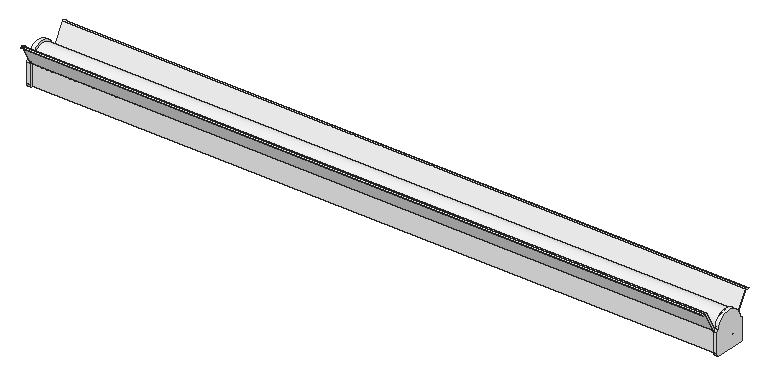
Revit family "0045206+0045235 Feilo Sylvania Lighting Fixture SYLBATTEN LED4 6000K TP4 E3 with SYMMETRIC REFLECTOR ACCESSORY 1500MM", category Lighting Fixtures, host Face, Revit 2017
Family settings
  Host = Face
  Round Connector Dimension = Use Diameter
  Part Type = Normal
  OmniClass Number = 23.80.70.00
  OmniClass Title = Lighting
  Cut with Voids When Loaded = No
  Light Source = Yes
  Shared = No
  Room Calculation Point = No
Parameters (values of type "0045206 Emergency mode")
  Width_FEILO = 66 mm
  Weight = "3.7 kg"
  Wattage Comments = "n/a"
  Wattage = 4.31738 W
  WarrantyStartDate [instance] = "n/a"
  WarrantyGuarantorParts = "n/a"
  WarrantyDurationUnit = "n/a"
  WarrantyDurationParts = "n/a"
  WarrantyDescription = "n/a"
  built-in parameter 1150110 = 1 (stored number, unit not read)
  Voltage = 230 V
  URL = "http://www.sylvania-lighting.com"
  TypeName = "SYLBATTEN LED4 6000K TP4 E3"
  Type Image = <None>
  Type Comments = "n/a"
  built-in parameter 1114217 = 1 (stored number, unit not read)
  Tilt Angle = -90.00°
  built-in parameter 1150109 = 1 (stored number, unit not read)
  built-in parameter 1150134 = 5
  SymReflector_FEILO = yes
  built-in parameter 1150113 = 1 (stored number, unit not read)
  SerialNumber [instance] = "n/a"
  PowerFactor = 0
  PowerConsumption = "4.31 W"
  Photometric Web File = "0045206+0045235.ies"
  NominalLength = 1505 mm
  NominalHeight = 91 mm
  NominalDepth = 122 mm
  Name = "SYLBATTEN LED4 6000K TP4 E3"
  ModelReference = Name  # "SYLBATTEN LED4 6000K TP4 E3"
  ModelNumber = "0045206"
  Model = Name  # "SYLBATTEN LED4 6000K TP4 E3"
  Material_4_FEILO = Reflector-Sylvania-Sylbatten-White
  Material_3_FEILO = Diffuser-Sylvania-Sylbatten-Glow
  Material_2_FEILO = Body-Sylvania-Sylbatten-White
  Material_1_FEILO = Body-Sylvania-Sylbatten-White
  Material = "sheet steel housing, polycarbonate diffuser"
  ManufacturerName = "Feilo Sylvania"
  Manufacturer = "Feilo Sylvania"
  LuminousEfficacy = "104.2 lm/W"
  built-in parameter 1150105 = 156.85 (stored number, unit not read)
  Lumens = 450 lm
  LuminaireType = ""
  built-in parameter 1150115 = 1 (stored number, unit not read)
  LightOutputRatio = "100"
  built-in parameter 1150137 = (empty or 0)
  built-in parameter 1150139 = (empty or 0)
  Length_FEILO = 1505 mm
  LampsType = Lamp  # "LED"
  LampNominalLuminous = "450 lm"
  LampMacAdamStep = "n/a"
  LampColourTemperature = "6000 K"
  LampColourRenderingIndex = "80"
  built-in parameter 1150112 = 1 (stored number, unit not read)
  built-in parameter 1150114 = 1 (stored number, unit not read)
  Lamp = "LED"
  Keynote = "16500"
  InstallationDate [instance] = "n/a"
  InputVoltage = "220-240V~"
  InputNominalFrequency = "n/a"
  built-in parameter 1150132 = (empty or 0)
  built-in parameter 1150102 = (empty or 0)
  built-in parameter 1150107 = 6000 (stored number, unit not read)
  built-in parameter 1150138 = (empty or 0)
  IngressProtection = "IP20"
  ImpactProtectionIndex = "IK07"
  built-in parameter 1150106 = 1.5685 (stored number, unit not read)
  IfcExportType = "IfcLightFixtureType"
  IfcExportAs = "IfcLightFixtureType"
  Height_FEILO = 76 mm
  ExpectedLife = 50000
  Emit from Rectangle Width = Length_FEILO - 16 mm  # 1489 mm
  Emit from Rectangle Length = Width_FEILO - 40 mm  # 26 mm
  Emit Shape Visible in Rendering = no
  ElectricShockClassification = "Class I"
  built-in parameter 1150104 = 9.6833 (stored number, unit not read)
  DurationUnit = "hours"
  DocumentationLiterature = "http://www.sylvania-lighting.com/product/en-int/products/0045206"
  DimmingControlOptions = "n/a"
  Dimming Lamp Color Temperature Shift = <None>
  Description = "LED batten, T8 replacement, ease of installation through 2 part push-in design of the housing (safety cable included), through wiring capability (TP4 = 4 core), sheet steel, 4377M, 39W, 112m/W, 6000K, drive current: 350mA, CRI 80, 138° wide beam angle, electronic driver (non dimmable), integral 3 hour maintained emergency, IP20, IK07, 50,000 hrs (L70), (LxWxH) 1505x66x76mm, 5 step MacAdam ellipse, 3.7kg, white RAL 9016, Class 1, 220-240V, energy class: A++, A+, A."
  Default Elevation = 1219.2 mm
  CreatedOn = "1/25/2018"
  CreatedBy = ""
  Cost = 0
  Color Filter = 16777215
  built-in parameter 1114216 [instance] = (empty or 0)
  ClassificationValue = "EF_70_80"
  ClassificationName = "Uniclass2015"
  CapOffset_FEILO = 2 mm
  BarCode [instance] = "n/a"
  built-in parameter 1114218 = 1 (stored number, unit not read)
  BackReflector_FEILO = and(not(AsymReflector_FEILO), SymReflector_FEILO)  # yes
  built-in parameter 1150133 = 10 (stored number, unit not read)
  FrontReflector_FEILO = or(AsymReflector_FEILO, SymReflector_FEILO)  # yes
  AsymReflector_FEILO = no
  AssetType = "Fixed"
  AssetIdentifier [instance] = "n/a"
  Assembly Code = "D5020200"
  Apparent Load = 4.31738 VA
Types (2, lengths in mm): name | Wattage | PowerConsumption | built-in parameter 1150105 | Lumens | LampNominalLuminous | built-in parameter 1150106 | Apparent Load
  0045206 Emergency mode | 4.31738 W | "4.31 W" | 156.85 (stored number, unit not read) | 450 lm | "450 lm" | 1.5685 (stored number, unit not read) | 4.31738 VA
  0045206 SYLBATTEN LED4 6000K TP4 E3 | 42 W | "42 W" | 348.36 (stored number, unit not read) | 4377.66 lm | "4378 lm" | 3.4836 (stored number, unit not read) | 42 VA
Reference planes
  plane 1 "Center (Front/Back)": y = 0
  plane 2: z = 0
  plane 3 "Center (Left/Right)": x = 0
  plane 4: x = 752.5
  plane 5: x = -752.5
  plane 6: y = 33
  plane 7: y = -33
  plane 8: z = 76
  plane 9: z = 47
  plane 10: y = -29
  plane 11: y = 29
  plane 12: z = 20
  plane 13: z = 74
  plane 14: y = -31
  plane 15: y = -27
  plane 16: y = 27
  plane 17: y = 31
  plane 18: z = 2
  plane 19: x = -744.5
  plane 20: x = 744.5
  plane 21: z = 49
  plane 22: y = 1
  plane 23: y = -1
  plane 24: z = 21
  plane 25: z = 19
  plane 26: y = -61
  plane 27: y = 61
  plane 28: y = -56
  plane 29: y = 56
  plane 30: z = 91
  plane 31: z = 88
Forms (mm)
  Extrusion 1, solid, material "Body-Sylvania-Sylbatten-White" <- "Material_2_FEILO"
    sketch origin (0, 0, 0) x (0, 1, 0) y (0, 0, 1)
      loop
        line (-31, 2) -> (31, 2) -> (31, 45)
        arc (31, 45) -> (30.414, 46.414) -> (29, 47) r 2
        line (29, 47) -> (27, 47)
        arc (27, 47) -> (0, 74) -> (-27, 47) r 27
        line (-27, 47) -> (-29, 47)
        arc (-29, 47) -> (-30.414, 46.414) -> (-31, 45) r 2
        line (-31, 45) -> (-31, 2)
    from -744.5 to 744.5
  Extrusion 2, solid, material "Body-Sylvania-Sylbatten-White" <- "Material_2_FEILO"
    sketch origin (752.5, 1524, 1219.2) x (0, 1, 0) y (0, 0, 1)
      loop
        arc (-1494, -1219.2) -> (-1491.879, -1218.321) -> (-1491, -1216.2) r 3
        line (-1491, -1216.2) -> (-1491, -1173.2)
        arc (-1491, -1173.2) -> (-1491.879, -1171.079) -> (-1494, -1170.2) r 3
        line (-1494, -1170.2) -> (-1495.069, -1170.2)
        arc (-1495.069, -1170.2) -> (-1524, -1143.2) -> (-1552.931, -1170.2) r 29
        line (-1552.931, -1170.2) -> (-1554, -1170.2)
        arc (-1554, -1170.2) -> (-1556.121, -1171.079) -> (-1557, -1173.2) r 3
        line (-1557, -1173.2) -> (-1557, -1216.2)
        arc (-1557, -1216.2) -> (-1556.121, -1218.321) -> (-1554, -1219.2) r 3
        line (-1554, -1219.2) -> (-1494, -1219.2)
      loop
        arc (-1525, -1189.25) -> (-1531.071, -1192.129) -> (-1533.95, -1198.2) r 10
        line (-1533.95, -1198.2) -> (-1532.944, -1198.2)
        arc (-1532.944, -1198.2) -> (-1530.364, -1192.836) -> (-1525, -1190.256) r 9
        line (-1525, -1190.256) -> (-1525, -1189.25)
      loop
        arc (-1523, -1190.256) -> (-1517.636, -1192.836) -> (-1515.056, -1198.2) r 9
        line (-1515.056, -1198.2) -> (-1514.05, -1198.2)
        arc (-1514.05, -1198.2) -> (-1516.929, -1192.129) -> (-1523, -1189.25) r 10
        line (-1523, -1189.25) -> (-1523, -1190.256)
      loop
        line (-1532.944, -1200.2) -> (-1533.95, -1200.2)
        arc (-1533.95, -1200.2) -> (-1531.071, -1206.271) -> (-1525, -1209.15) r 10
        line (-1525, -1209.15) -> (-1525, -1208.144)
        arc (-1525, -1208.144) -> (-1530.364, -1205.564) -> (-1532.944, -1200.2) r 9
      loop
        arc (-1515.056, -1200.2) -> (-1517.636, -1205.564) -> (-1523, -1208.144) r 9
        line (-1523, -1208.144) -> (-1523, -1209.15)
        arc (-1523, -1209.15) -> (-1516.929, -1206.271) -> (-1514.05, -1200.2) r 10
        line (-1514.05, -1200.2) -> (-1515.056, -1200.2)
    from 0 to -8
  Extrusion 3, solid, material "Body-Sylvania-Sylbatten-White" <- "Material_2_FEILO"
    sketch origin (-752.5, 1524, 1219.2) x (0, 1, 0) y (0, 0, 1)
      loop
        arc (-1495.069, -1170.2) -> (-1524, -1143.2) -> (-1552.931, -1170.2) r 29
        line (-1552.931, -1170.2) -> (-1554, -1170.2)
        arc (-1554, -1170.2) -> (-1556.121, -1171.079) -> (-1557, -1173.2) r 3
        line (-1557, -1173.2) -> (-1557, -1216.2)
        arc (-1557, -1216.2) -> (-1556.121, -1218.321) -> (-1554, -1219.2) r 3
        line (-1554, -1219.2) -> (-1494, -1219.2)
        arc (-1494, -1219.2) -> (-1491.879, -1218.321) -> (-1491, -1216.2) r 3
        line (-1491, -1216.2) -> (-1491, -1173.2)
        arc (-1491, -1173.2) -> (-1491.879, -1171.079) -> (-1494, -1170.2) r 3
        line (-1494, -1170.2) -> (-1495.069, -1170.2)
      loop
        line (-1533.95, -1198.2) -> (-1532.944, -1198.2)
        arc (-1532.944, -1198.2) -> (-1530.364, -1192.836) -> (-1525, -1190.256) r 9
        line (-1525, -1190.256) -> (-1525, -1189.25)
        arc (-1525, -1189.25) -> (-1531.071, -1192.129) -> (-1533.95, -1198.2) r 10
      loop
        line (-1523, -1189.25) -> (-1523, -1190.256)
        arc (-1523, -1190.256) -> (-1517.636, -1192.836) -> (-1515.056, -1198.2) r 9
        line (-1515.056, -1198.2) -> (-1514.05, -1198.2)
        arc (-1514.05, -1198.2) -> (-1516.929, -1192.129) -> (-1523, -1189.25) r 10
      loop
        line (-1514.05, -1200.2) -> (-1515.056, -1200.2)
        arc (-1515.056, -1200.2) -> (-1517.636, -1205.564) -> (-1523, -1208.144) r 9
        line (-1523, -1208.144) -> (-1523, -1209.15)
        arc (-1523, -1209.15) -> (-1516.929, -1206.271) -> (-1514.05, -1200.2) r 10
      loop
        line (-1525, -1209.15) -> (-1525, -1208.144)
        arc (-1525, -1208.144) -> (-1530.364, -1205.564) -> (-1532.944, -1200.2) r 9
        line (-1532.944, -1200.2) -> (-1533.95, -1200.2)
        arc (-1533.95, -1200.2) -> (-1531.071, -1206.271) -> (-1525, -1209.15) r 10
    from 0 to 8
  Extrusion 4, solid, material "Reflector-Sylvania-Sylbatten-White" <- "Material_4_FEILO", visible <- "FrontReflector_FEILO"
    sketch origin (0, 0, 0) x (0, 1, 0) y (0, 0, 1)
      loop
        line (-61.257, 88.429) -> (-60.743, 87.571) -> (-56.621, 90.044)
        arc (-56.621, 90.044) -> (-56.237, 90.099) -> (-55.929, 89.863) r 0.5
        line (-55.929, 89.863) -> (-31.435, 46.753) -> (-30.565, 47.247) -> (-55.312, 90.802)
        arc (-55.312, 90.802) -> (-55.928, 91.275) -> (-56.696, 91.165) r 1
        line (-56.696, 91.165) -> (-61.257, 88.429)
    from -744.5 to 744.5
  Extrusion 5, solid, material "Reflector-Sylvania-Sylbatten-White" <- "Material_4_FEILO", visible <- "BackReflector_FEILO"
    sketch origin (0, 0, 0) x (0, 1, 0) y (0, 0, 1)
      loop
        line (30.565, 47.247) -> (31.435, 46.753) -> (55.932, 89.868)
        arc (55.932, 89.868) -> (56.245, 90.112) -> (56.638, 90.062) r 0.518
        line (56.638, 90.062) -> (61.033, 87.565) -> (61.527, 88.435) -> (56.682, 91.188)
        arc (56.682, 91.188) -> (55.922, 91.282) -> (55.318, 90.812) r 1
        line (55.318, 90.812) -> (30.565, 47.247)
    from -744.5 to 744.5
Lines and regions (mm)
  reference lines
    curve 1: line (0, -61, 88) -> (0, -56, 91)
    curve 2: line (0, -56, 91) -> (0, -31, 47)
    curve 3: line (0, 31, 47) -> (0, 56, 91)
    curve 4: line (0, 56, 91) -> (0, 61.28, 88)
Dimensions and locks
  equal spacing: plane 5, plane 3 "Center (Left/Right)", plane 4
  equal spacing: plane 7, plane 1 "Center (Front/Back)", plane 6
  "Width_FEILO": plane 7 to plane 6
  "Length_FEILO": plane 5 to plane 4
  "Height_FEILO": plane 8 to plane 2
  locked: plane 9 to plane 8 at 29
  equal spacing: plane 10, plane 1 "Center (Front/Back)", plane 11
  locked: plane 7 to plane 10 at 4
  locked: plane 12 to plane 2 at 20
  "CapOffset_FEILO": plane 13 to plane 8
  "CapOffset_FEILO": plane 7 to plane 14
  "CapOffset_FEILO": plane 10 to plane 15
  "CapOffset_FEILO": plane 17 to plane 6
  "CapOffset_FEILO": plane 16 to plane 11
  "CapOffset_FEILO": plane 18 to plane 2
  locked: plane 14 to Extrusion 1 sketch curve at 2
  locked: Extrusion 1 sketch curve to plane 9 at 2  (x2)
  locked: plane 16 to Extrusion 1 sketch curve at 2
  equal spacing: plane 19, plane 3 "Center (Left/Right)", plane 20
  locked: plane 5 to plane 19 at 8
  "CapOffset_FEILO": plane 9 to plane 21
  locked: Extrusion 2 sketch curve to plane 2 at 47
  locked: Extrusion 1 sketch curve to plane 2 at 47
  locked: Extrusion 2 sketch curve to plane 2 at 3  (x2)
  locked: plane 7 to Extrusion 2 sketch curve at 3  (x2)
  locked: Extrusion 2 sketch curve to plane 6 at 3  (x2)
  locked: Extrusion 2 sketch curve to plane 21 at 3  (x2)
  equal spacing: plane 23, plane 1 "Center (Front/Back)", plane 22
  equal spacing: plane 25, plane 12, plane 24
  plane 30 to plane 31 to plane 2 = 3 mm locked, 88 mm locked
  plane 28 to plane 29 = 112 mm
  plane 26 to plane 27 = 122 mm
  aligned and locked: plane 2 to host face
  aligned and locked: level to host face
  aligned and locked: plane 18 to Extrusion 1 sketch curve
  aligned and locked: plane 14 to Extrusion 1 sketch curve
  aligned and locked: Extrusion 1 sketch curve to plane 9  (x2)
  aligned and locked: Extrusion 1 sketch curve to plane 17
  aligned and locked: plane 15 to Extrusion 1 sketch curve
  aligned and locked: plane 16 to Extrusion 1 sketch curve
  aligned and locked: plane 9 to Extrusion 1 sketch curve
  aligned and locked: plane 20 to Extrusion 1
  aligned and locked: level to Extrusion 2 sketch curve
  aligned and locked: Extrusion 2 sketch curve to plane 7
  aligned and locked: plane 21 to Extrusion 2 sketch curve
  aligned and locked: Extrusion 2 sketch curve to plane 21
  aligned and locked: plane 1 "Center (Front/Back)" to Extrusion 2 sketch curve  (x3)
  aligned and locked: Extrusion 2 to Extrusion 1
  aligned and locked: plane 4 to Extrusion 2
  aligned and locked: plane 12 to Extrusion 2 sketch curve  (x2)
  aligned and locked: Extrusion 2 sketch curve to plane 22
  aligned and locked: Extrusion 2 sketch curve to plane 23
  aligned and locked: Extrusion 2 sketch curve to plane 24
  aligned and locked: Extrusion 2 sketch curve to plane 25
  aligned and locked: plane 25 to Extrusion 2 sketch curve
  aligned and locked: plane 22 to Extrusion 2 sketch curve
  aligned and locked: plane 24 to Extrusion 2 sketch curve
  aligned and locked: plane 23 to Extrusion 2 sketch curve  (x2)
  aligned and locked: Extrusion 3 sketch curve to Extrusion 2  (x22)
  aligned and locked: Extrusion 3 to Extrusion 1
  aligned and locked: Extrusion 3 to plane 5
  aligned and locked: plane 19 to Extrusion 3
  aligned and locked: plane 31 to curve 1
  aligned and locked: plane 30 to curve 1
  aligned and locked: plane 14 to curve 2
  aligned and locked: plane 9 to curve 2
  aligned and locked: plane 17 to curve 3
  aligned and locked: plane 30 to curve 3
  aligned and locked: plane 31 to curve 4
  aligned and locked: Extrusion 4 sketch curve to curve 2
  aligned and locked: Extrusion 4 sketch curve to curve 1
  aligned and locked: Extrusion 4 to Extrusion 1
  aligned and locked: Extrusion 1 to Extrusion 4
  aligned and locked: imposter light to plane 1 "Center (Front/Back)"
  aligned and locked: imposter light to plane 3 "Center (Left/Right)"
  aligned and locked: imposter light to plane 13
  aligned and locked: Extrusion 5 sketch curve to curve 4
  aligned and locked: Extrusion 5 sketch curve to curve 3
  aligned and locked: Extrusion 1 to Extrusion 5
  aligned and locked: Extrusion 5 to Extrusion 1
Automatic sketch dimensions
  host sketch curve to host sketch curve = 2438.4 mm  (x2)
  Extrusion 2 sketch curve to Extrusion 2 sketch curve = 0 mm  (x14)
  Extrusion 2 sketch curve to plane 10 = 0.069 mm
  plane 23 to Extrusion 2 sketch curve = 8.95 mm
  Extrusion 2 sketch curve to Extrusion 2 sketch curve = 1.006 mm  (x4)
  Extrusion 2 sketch curve to plane 22 = 7.944 mm
  curve 1 to plane 26 = 0 mm
  curve 2 to plane 28 = 0 mm
  curve 4 to plane 29 = 0 mm
  plane 9 to curve 3 = 0 mm
  plane 26 to Extrusion 4 sketch curve = 0.257 mm
  Extrusion 4 sketch curve to plane 26 = 0.257 mm
  Extrusion 4 sketch curve to plane 30 = 0.165 mm
  plane 28 to Extrusion 4 sketch curve = 0.696 mm
  plane 28 to Extrusion 4 sketch curve = 0.621 mm
  plane 28 to Extrusion 4 sketch curve = 0.364 mm
  plane 28 to Extrusion 4 sketch curve = 0.182 mm
  Extrusion 4 sketch curve to plane 28 = 0.071 mm
  plane 30 to Extrusion 4 sketch curve = 0.198 mm
  Extrusion 4 sketch curve to plane 28 = 0.688 mm
  plane 9 to Extrusion 4 sketch curve = 0.247 mm
  plane 1 "Center (Front/Back)" to Extrusion 4 sketch curve = 31.435 mm
  Extrusion 5 sketch curve to plane 9 = 0.247 mm
  Extrusion 5 sketch curve to plane 1 "Center (Front/Back)" = 30.565 mm
  plane 9 to Extrusion 5 sketch curve = 0.247 mm
  plane 30 to Extrusion 5 sketch curve = 0.188 mm
  plane 29 to Extrusion 5 sketch curve = 0.068 mm
  Extrusion 5 sketch curve to plane 29 = 0.188 mm
  Extrusion 5 sketch curve to plane 29 = 0.382 mm
  Extrusion 5 sketch curve to Extrusion 5 sketch curve = 0.256 mm
  Extrusion 5 sketch curve to plane 30 = 0.188 mm
  Extrusion 5 sketch curve to plane 29 = 0.682 mm
  Extrusion 5 sketch curve to plane 27 = 0.033 mm
  Extrusion 5 sketch curve to plane 27 = 0.527 mm
Connectors
  electrical at (0, 0, 0), driven by "Apparent Load", driven by "PowerFactor", driven by "Voltage"
    settings: index 1, voltage 230 V, apparent load 4.31738 VA, apparent load phase1 0 VA, apparent load phase2 0 VA, apparent load phase3 0 VA, power factor 0, load classification "Lighting", number of poles 1, system type 30, power factor state 1, is connector primary yes, connector utility no, sub classification motor no, connector description ""
